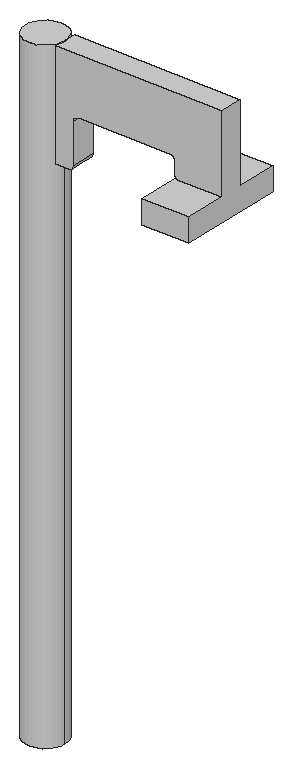
Revit family "EV_ML BULKHEAD HOOK_1920000", category Generic Models, Revit 2018
Family settings
  Can host rebar = No
  Round Connector Dimension = Use Diameter
  Part Type = Normal
  OmniClass Number = 35.51.14.00
  OmniClass Title = FORMWORK
  Work Plane-Based = Yes
  Always vertical = No
  Cut with Voids When Loaded = No
  Shared = Yes
  Room Calculation Point = No
Parameters
  VERSION = "20180914"  # constant formula
  URL = "www.ulmaconstruction.com/en"
  UNICLASS = ""
  Manufacturer = "ULMA CONSTRUCTION"  # constant formula
  ITEM_WEIGHT = 0.60 kg
  ITEM_CODE = "1920000"
  FILTER [instance] = ""
  Default Elevation = 0.000 mm
  CLASSIFICATION_TITLE = ""
  CLASSIFICATION_NUMBER = ""
Reference planes
  plane 1 "Centro (Frontal/Posterior)": y = 0
  plane 2: z = 0
  plane 3 "Centro (Izquierda/Derecha)": x = 0
Forms (mm)
  Extrusion 1, solid, material "ULMA ZINC", detail levels medium+fine
    sketch origin (0, 0, 0) x (1, 0, 0) y (0, 1, 0)
      loop
        circle (0, 0) r 8.5
    from -225 to 45
  Extrusion 2, solid, material "ULMA ZINC", detail levels medium+fine
    sketch origin (0, 0, 0) x (-1, 0, 0) y (0, 0, -1)
      loop
        line (-8.5, 0) -> (-14.3, 0)
        arc (-14.3, 0) -> (-15.714, -0.586) -> (-16.3, -2) r 2
        line (-16.3, -2) -> (-16.3, -19)
        arc (-16.3, -19) -> (-16.886, -20.414) -> (-18.3, -21) r 2
        line (-18.3, -21) -> (-57.5, -21)
        arc (-57.5, -21) -> (-58.914, -20.414) -> (-59.5, -19) r 2
        line (-59.5, -19) -> (-59.5, -14)
        arc (-59.5, -14) -> (-60.086, -12.586) -> (-61.5, -12) r 2
        line (-61.5, -12) -> (-79.5, -12) -> (-79.5, -45) -> (-8.5, -45) -> (-8.5, 0)
    from -5 to 5
  Extrusion 3, solid, material "ULMA ZINC", detail levels medium+fine
    sketch origin (139, 0, 14) x (1, 0, 0) y (0, 0, 1)
      loop
        line (-59.5, -2) -> (-79.5, -2) -> (-79.5, -12) -> (-59.5, -12) -> (-59.5, -2)
    from -22.5 to 22.5
Cuts and joins
  joined: Extrusion 2, Extrusion 3
Lines and regions (mm)
  model lines, style "ULMA TYING ELEMENTS", detail levels coarse
    curve 1: line (0, 0, -225) -> (0, 0, 45)
    curve 2: line (70, 0, 31) -> (70, 0, 2)
    curve 3: line (70, 0, 31) -> (0, 0, 31)
Dimensions and locks
  aligned and locked: level to plane 2
